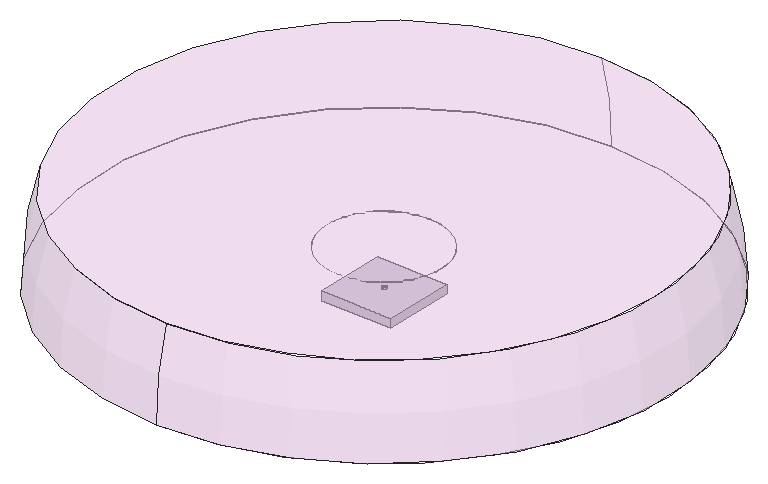
Revit family "Camera-Security-Panasonic-360-degree-Vandal_Resistant-Outdoor-Dome-Network-X4571LX", category Security Devices, host Face, Revit 2016
Family settings
  Host = Face
  Maintain Annotation Orientation = No
  Part Type = Normal
  Round Connector Dimension = Use Diameter
  OmniClass Number = 23.85.10.14.11
  OmniClass Title = Cameras
  Cut with Voids When Loaded = No
  Shared = No
  Room Calculation Point = No
Parameters (values of type "WV-X4571L")
  z Void Direction [instance] = if((if(On Wall, 1, 0) + if(On Ceiling, 1, 0)) = 1, if(On Ceiling, 0, 1), 0)  # 0
  z Vertical FOV = 183.00°  # constant formula
  z VV Origin Height Offset [instance] = Height  # 2.37402"
  z VV Origin Height [instance] = 0.000"
  z Lenz to PPM Target X [instance] = 0.07874" * Focal Length * 1000 / (PPM Actual * Scanning Area H / Horizontal Resolution) - z Lenz to PPM Target H  # 152.79425"
  z Lenz to PPM Target H [instance] = if(z Void Direction = 0, Distance to Floor - PPM Target Height - z VV Origin Height Offset, Distance to Floor - PPM Target Height)  # 45.65748"
  z Horizontal FOV = 183.00°  # constant formula
  z Camera Center Y Axis Offset [instance] = 0.000"
  z Camera Bottom Offset [instance] = 0.000"
  z Camera Angle [instance] = 0.00°
  z Camera Axis Const Length = 7.87402"
  z Base Radius [instance] = Base Diameter / 2  # 3.22835"
  Water and Dust Resistance = "IP66(IEC60529), Type 4X(UL50), NEMA 4X compliant"  # constant formula
  Shock Resistance = "50J (IEC 60068-2-75 compliant), IK10 (IEC 62262)"  # constant formula
  Resolution_9M [instance] = yes
  Resolution_4M [instance] = not(Resolution_9M)  # no
  Base Height Offset [instance] = if(Use Base Bracket, Base Height, 0.000")  # 0.000"
  Base Height = 1.41732"
  Wide Dynamic Range = yes
  Weight [instance] = if(Use Base Bracket, 2.87 lbf, 1.94 lbf)  # 1.94 lbf
  Voltage DC = 12 V
  Vandal Resistant = yes
  Use Base Bracket [instance] = no
  Use Attachment Plate [instance] = not(Use Base Bracket)  # yes
  URL = "http://security.panasonic.com/pss/security/"
  Storage Temperature = "-22 °F to 140 °F"  # constant formula
  Show View Volume [instance] = yes
  Scanning Area V = 0.21811"  # constant formula
  Scanning Area H = 0.21811"  # constant formula
  Regulatory Compliance = "UL (UL60950-1), c-UL (CSA C22.2 No.60950-1), CE, IEC60950-1, FCC (Part15 ClassA), ICES003 ClassA, EN55022 ClassB, EN55024"  # constant formula
  Radius_3 [instance] = 1.2126"
  Radius_2 [instance] = 1.35528"
  Radius_1 [instance] = Diameter / 2  # 3.0315"
  Provide Feedback = "https://www.surveymonkey.com/s/95FL6QY"
  Product Page URL = "https://security.panasonic.com/products/wv-x4571l/"
  Product Material = Paint - Panasonic - Sail White
  Product Documentation Link = "http://ssbu-t.psn-web.net/Products/IP_camera/WV-X4571L/Specsheet/WV-X4571L_A4.pdf"
  Power Active = 12.5 W
  Part Number = Model  # "WV-X4571L"
  Part Description = Description  # "Security Camera, H.264/H.265 360-degree, Vandal Resistant, Outdoor, Dome, 9 Megapixel, Network, X4571L"
  PPM Target Height [instance] = 70.07874"
  PPM Desired [instance] = 300
  PPM Actual [instance] = if(PPM Desired > 1, PPM Desired, 1)  # 300
  Original Creation Date = "2018/01/15"
  Operational Temperature [instance] = "-40 °F to 140 °F"  # constant formula
  Operational Humidity = "10% to 100 % (no condensation)"  # constant formula
  On Wall [instance] = no
  On Ceiling [instance] = yes
  Mounting Positions = "Mount Dependent or Surface Mount"
  Model Disclaimer = "Contact Panasonic for more information"  # constant formula
  Model = "WV-X4571L"
  Minimum Illumination = 0.3 lx
  Manufacturer = "Panasonic"  # constant formula
  Indoor Or Outdoor = "Outdoor"  # constant formula
  IP Or Analog = "IP"
  Horizontal Resolution [instance] = if(Resolution_9M, 2992, 2192)  # 2992
  Height_Offset5 = 1.44663"
  Height_Offset4 [instance] = 0.39438"
  Height_Offset3 [instance] = (Height - Height_Offset2) * 0.278  # 0.29989"
  Height_Offset2 [instance] = 1.29528"
  Height_Offset1 [instance] = 0.69685"
  Height [instance] = 2.37402"
  Has POE = yes
  Focal Length = 0.05512"
  Family Version = "1.0.0"  # constant formula
  Equipment Number [instance] = ""
  Equipment Abbreviation = "SC"
  Distance to Screen [instance] = 393.70079"
  Distance to PPM Target [instance] = if(z Lenz to PPM Target X < z Lenz to PPM Target H, 0.000", sqrt(z Lenz to PPM Target X ^ 2 - z Lenz to PPM Target H ^ 2))  # 145.81316"
  Distance to Floor [instance] = 118.11024"
  Distance to Ceiling [instance] = 0.000"
  Diameter [instance] = 6.06299"
  Description = "Security Camera, H.264/H.265 360-degree, Vandal Resistant, Outdoor, Dome, 9 Megapixel, Network, X4571L"
  Default Elevation = 0.000"
  Day Or Night = "N/A"  # constant formula
  Date Last Modified = "2018/01/15"
  Copyright = "Copyright © Panasonic"  # constant formula
  Communication Ports = "10Base-T / 100Base-TX, RJ-45"
  z Camera Center X Axis Offset [instance] = 0.000"
  Base Diameter [instance] = 6.45669"
  Audio Out = "3.5 mm stereo mini jack"  # constant formula
  Audio In = "3.5 mm stereo mini jack"  # constant formula
  Angle Of View = "183"  # constant formula
  Alarm Input Or Output Specification = "ALARM IN1 (Alarm input 1/ Auto time adjustment input) (x1), ALARM IN2 (Alarm input 2/ ALARM OUT) (x1), ALARM IN3 (Alarm input 3/ AUX OUT) (x1)"  # constant formula
  Accessory Part Number [instance] = if(Use Attachment Plate, "Attachment Plate", "Base Bracket")  # "Attachment Plate"
Types (2): name | Product Page URL | Product Documentation Link | Part Number | Part Description | Model | Description | Communication Ports
  WV-X4571L | "https://security.panasonic.com/products/wv-x4571l/" | "http://ssbu-t.psn-web.net/Products/IP_camera/WV-X4571L/Specsheet/WV-X4571L_A4.pdf" | "WV-X4571L" | "Security Camera, H.264/H.265 360-degree, Vandal Resistant, Outdoor, Dome, 9 Megapixel, Network, X4571L" | "WV-X4571L" | "Security Camera, H.264/H.265 360-degree, Vandal Resistant, Outdoor, Dome, 9 Megapixel, Network, X4571L" | "10Base-T / 100Base-TX, RJ-45"
  WV-X4571LM | "https://security.panasonic.com/products/wv-x4571lm/" | "http://ssbu-t.psn-web.net/Products/IP_camera/WV-X4571L/Specsheet/WV-X4571LM_A4.pdf" | "WV-X4571LM" | "Security Camera, H.264/H.265 360-degree, Vandal Resistant, Outdoor, Dome, 9 Megapixel, Network, X4571LM" | "WV-X4571LM" | "Security Camera, H.264/H.265 360-degree, Vandal Resistant, Outdoor, Dome, 9 Megapixel, Network, X4571LM" | "10Base-T / 100Base-TX, M12 connector"
Reference planes (in)
  plane 1 "Center (Front/Back)": y = 0
  plane 2: z = 0
  plane 3 "Center (Left/Right)": x = 0
  plane 4: y = 0
  plane 5: z = 0
  plane 6: x = 0
Forms (in)
  Extrusion 1, solid
    sketch origin (0, 0, 0) x (1, 0, 0) y (0, 1, 0)
      loop
        line (-48, 48) -> (-48, -48) -> (48, -48) -> (48, 48) -> (-48, 48)
    from 0 to -12
  Revolve 2, solid, material "Paint - Panasonic - Sail White" <- "Product Material"
    sketch origin (0, 0, 0) x (0, 0, 1) y (-1, 0, 0)
      loop
        line (1.67717, 0) -> (0, 0) -> (0, -3.0315) -> (1.07874, -3.0315) -> (1.67717, -1.35528) -> (1.67717, 0)
      axis (1.67717, 0) -> (0, 0)
    angle from 360 to 0
  Revolve 3, solid, material "Glass - Panasonic - Smoked"
    sketch origin (0, 0, 0) x (0, 0, 1) y (-1, 0, 0)
      loop
        line (2.37402, 0) -> (1.67717, 0) -> (1.67717, -1.2126)
        arc (1.67717, -1.2126) -> (2.19189, -0.70187) -> (2.37402, 0) r 1.37064
      axis (2.37402, 0) -> (1.67717, 0)
    angle from 360 to 0
  Revolve 4, solid, material "Paint - Panasonic - Sail White" <- "Product Material"
    sketch origin (0, 0, 0) x (0, 0, 1) y (-1, 0, 0)
      loop
        line (0.77885, -2.87402) -> (0, -2.87402) -> (0, -3.0315) -> (0.77885, -3.0315) -> (0.77885, -2.87402)
      axis (0.77885, 0) -> (0, 0)
    angle from 30 to -30
  Revolve 5, solid, material "Paint - Panasonic - Sail White" <- "Product Material"
    sketch origin (0, 0, 0) x (0, 0, 1) y (-1, 0, 0)
      loop
        line (0.77885, -2.87402) -> (0, -2.87402) -> (0, -3.0315) -> (0.77885, -3.0315) -> (0.77885, -2.87402)
      axis (0.77885, 0) -> (0, 0)
    angle from 150 to 90
  Revolve 6, solid, material "Paint - Panasonic - Sail White" <- "Product Material"
    sketch origin (0, 0, 0) x (0, 0, 1) y (-1, 0, 0)
      loop
        line (0.77885, -2.87402) -> (0, -2.87402) -> (0, -3.0315) -> (0.77885, -3.0315) -> (0.77885, -2.87402)
      axis (0.77885, 0) -> (0, 0)
    angle from 270 to 210
  Revolve 7, solid, material "Paint - Panasonic - Sail White" <- "Product Material", visible <- "Use Base Bracket"
    sketch origin (0, 0, 0) x (0, 0, 1) y (-1, 0, 0)
      loop
        line (1.41732, 0) -> (0, 0) -> (0, -3.22835) -> (1.41732, -3.22835) -> (1.41732, 0)
      axis (1.41732, 0) -> (0, 0)
    angle from 360 to 0
Lines and regions (in)
  symbolic lines, not visible
    curve 1: line (-1.15, -2.6875, 0) -> (1.15, -2.6875, 0)
  reference lines
    curve 2: line (0, 0, 0) -> (0, 0, 7.87402)
    curve 3: line (0, 0, 0) -> (5.70866, 0, 0)
    curve 4: line (0, 0, 0) -> (4.72441, 0, 0)
    curve 5: line (0, 0, 1.67717) -> (5, 0, 1.67717)
    curve 6: line (0, 0, 0.77885) -> (4.6063, 0, 0.77885)
    curve 7: line (0, 0, 1.07874) -> (3.8189, 0, 1.07874)
    curve 8: line (0, 0, 2.37402) -> (2.83465, 0, 2.37402)
    curve 9: line (1.2126, 0, 3.04376) -> (1.2126, 0, 0)
    curve 10: line (1.35528, 0, 3.04376) -> (1.35528, 0, 0)
    curve 11: line (2.87402, 0, 3.04376) -> (2.87402, 0, 0)
    curve 12: line (3.0315, 0, 3.04376) -> (3.0315, 0, 0)
    curve 13: line (3.22835, 0, 3.04376) -> (3.22835, 0, 0)
    curve 14: line (0, 0, 1.41732) -> (6.69291, 0, 1.41732)
Dimensions and locks (in)
  plane 1 "Center (Front/Back)" to plane 4 = 0.000"
  "z Camera Center Y Axis Offset": plane 4 to plane 1 "Center (Front/Back)"
  "z Camera Center Y Axis Offset": plane 5 to level
  "z Camera Center X Axis Offset": plane 3 "Center (Left/Right)" to plane 6
  "z Camera Axis Const Length": curve 2 to curve 2
  "Base Height Offset": curve 4 to curve 3
  "Height": curve 8 to curve 4
  "z Base Radius": curve 13 to curve 2
  "Radius_1": curve 12 to curve 2
  "Radius_2": curve 10 to curve 2
  "Radius_3": curve 9 to curve 2
  curve 11 to curve 12 = 0.15748"
  "Height_Offset3": curve 7 to curve 6
  "Height_Offset1": curve 8 to curve 5
  "Height_Offset2": curve 8 to curve 7
  "Base Height": curve 14 to curve 3
  "z Camera Angle": angle plane 6 to curve 2
  aligned and locked: plane 2 to Extrusion 1
  aligned and locked: level to Extrusion 1
  aligned and locked: plane 5 to curve 2
  aligned and locked: plane 6 to curve 2
  aligned and locked: curve 2 to curve 4
  aligned and locked: curve 2 to curve 5
  aligned and locked: curve 2 to curve 6
  aligned and locked: curve 2 to curve 7
  aligned and locked: curve 2 to curve 8
  aligned and locked: curve 3 to curve 13
  aligned and locked: Revolve 2 sketch curve to curve 2
  aligned and locked: Revolve 3 sketch curve to curve 2
  aligned and locked: Revolve 3 sketch curve to curve 8
  aligned and locked: Revolve 2 to Revolve 3 sketch curve
  aligned and locked: curve 9 to Revolve 3 sketch curve
  aligned and locked: Revolve 2 sketch curve to curve 4
  aligned and locked: curve 10 to Revolve 2 sketch curve
  aligned and locked: curve 7 to Revolve 2 sketch curve
  aligned and locked: curve 12 to Revolve 2 sketch curve
  aligned and locked: curve 2 to curve 14
  aligned and locked: curve 4 to Revolve 4 sketch curve
  aligned and locked: curve 11 to Revolve 4 sketch curve
  aligned and locked: Revolve 4 sketch curve to curve 12
  aligned and locked: Revolve 4 sketch curve to curve 2
  aligned and locked: Revolve 5 sketch curve to curve 6
  aligned and locked: curve 4 to Revolve 5 sketch curve
  aligned and locked: curve 11 to Revolve 5 sketch curve
  aligned and locked: Revolve 5 sketch curve to curve 12
  aligned and locked: Revolve 5 sketch curve to curve 2
  aligned and locked: Revolve 6 sketch curve to curve 6
  aligned and locked: curve 4 to Revolve 6 sketch curve
  aligned and locked: curve 11 to Revolve 6 sketch curve
  aligned and locked: Revolve 6 sketch curve to curve 12
  aligned and locked: Revolve 6 sketch curve to curve 2
  aligned and locked: Revolve 7 sketch curve to curve 2  (x2)
  aligned and locked: Revolve 7 sketch curve to curve 14
  aligned and locked: Revolve 7 sketch curve to curve 3
  aligned and locked: Revolve 7 sketch curve to curve 13
  aligned and locked: nested 1 to curve 2  (x2)
Automatic sketch dimensions
  Extrusion 1 sketch curve to Extrusion 1 sketch curve = 96.000"  (x2)
  curve 1 to plane 3 "Center (Left/Right)" = 1.150"
  plane 3 "Center (Left/Right)" to curve 1 = 1.150"
  plane 1 "Center (Front/Back)" to curve 1 = 2.6875"
  Revolve 3 sketch curve to curve 2 = 0.000"
  curve 2 to Revolve 3 sketch curve = 0.01893"
  Revolve 3 sketch curve to Revolve 3 sketch curve = 0.15557"
  Revolve 3 sketch curve to Revolve 3 sketch curve = 0.08072"
  Revolve 2 sketch curve to curve 2 = 0.000"
  Revolve 2 sketch curve to Revolve 2 sketch curve = 0.59843"
  Revolve 2 sketch curve to Revolve 2 sketch curve = 0.57874"
  Revolve 2 sketch curve to Revolve 2 sketch curve = 0.79066"
  Revolve 4 sketch curve to Revolve 4 sketch curve = 0.77885"
  curve 2 to Revolve 4 sketch curve = 1.11811"
  Revolve 4 sketch curve to Revolve 4 sketch curve = 1.5748"
  curve 2 to Revolve 5 sketch curve = 1.19983"
  Revolve 5 sketch curve to Revolve 5 sketch curve = 1.49308"
  curve 2 to Revolve 6 sketch curve = 1.14678"
  Revolve 6 sketch curve to Revolve 6 sketch curve = 1.23803"
  Revolve 7 sketch curve to curve 2 = 0.75231"
  Revolve 7 sketch curve to Revolve 7 sketch curve = 0.38943"
  curve 3 to curve 2 = 0.000"  (x2)
  curve 3 to curve 2 = 5.70866"
  curve 4 to curve 2 = 4.72441"
  curve 8 to curve 13 = 0.66975"
  curve 8 to curve 10 = 0.66975"
  curve 12 to curve 13 = 0.000"
  curve 11 to curve 12 = 0.000"
  curve 9 to curve 10 = 0.000"
  curve 14 to curve 2 = 6.69291"
  curve 5 to curve 2 = 5.000"
  curve 6 to curve 2 = 4.6063"
  curve 6 to curve 7 = 0.7874"
  curve 11 to curve 8 = 0.03937"
Nested families (in)
  nested 1: "Camera-Security-Panasonic-ViewVolume360" at (0, 0, 2.37402), On Wall <- "On Wall", On Ceiling <- "On Ceiling", HFOV <- "z Horizontal FOV", Floor Distance <- "Distance to Floor", Ceiling Distance <- "Distance to Ceiling", VFOV <- "z Vertical FOV", Screen Depth <- "Distance to Screen", Base Angle Offset <- "z Camera Angle", Base Height Offset <- "z VV Origin Height", visible <- "Show View Volume", type "Camera-Security-Panasonic-ViewVolume360"
    with z Yaw Actual 0.00°, z Void Width 826.77165", z Void Thickness 393.70079", z Void Height Start -413.38583", z Void Height End 413.38583", z Void Direction 0, z Void Angle 0.00°, z Viewpoint Origin Horizontal Offset 0.000", z Tilt Actual 0.00°, z Target Visible yes, z Target Horizontal Distance 78.74016", z Target Depth 48.0315", z Screen Depth 393.70079", z Pan Actual 0.00°, z Floor Distance 118.11024", z FOV Half 91.50°, z Ceiling Distance 0.000", z Camera Back Void Depth 397.6378", VFOV 183.00°, Target Horizontal Distance 78.74016", Screen Depth 393.70079", On Wall no, On Default Mount Type 0, On Ceiling yes, Object Height 70.07874", HFOV 183.00°, Floor Distance 118.11024", Ceiling Distance 0.000", Base Height Offset 0.000", Base Angle Offset 0.00°
Connectors (in)
  electrical at (0, 0, 0), driven by "Voltage DC", driven by "Power Active"
    settings: on Revolve 2, index 1, voltage 12 V, apparent load 12.5 W, apparent load phase1 0.0 W, apparent load phase2 0.0 W, apparent load phase3 0.0 W, power factor 1, load classification "Other", number of poles 1, system type 30, power factor state 1, is connector primary yes, connector utility no, sub classification motor no, connector description "Electrical Connection"
  electrical at (0, 0, 0)
    settings: on Revolve 2, index 2, voltage 0 V, apparent load 0.0 W, apparent load phase1 0.0 W, apparent load phase2 0.0 W, apparent load phase3 0.0 W, power factor 1, load classification "Other", number of poles 1, system type 5, power factor state 1, is connector primary no, connector utility no, sub classification motor no, connector description "Data Connection"
Definition of nested family "Camera-Security-Panasonic-ViewVolume360"
  Parameters (values of type "Camera-Security-Panasonic-ViewVolume360")
    z Yaw Actual [instance] = 0.00°  # constant formula
    z Void Width [instance] = z Screen Depth * 2 + 39.37008"  # 826.77165"
    z Void Thickness [instance] = z Screen Depth + abs(Base Height Offset)  # 399.6063"
    z Void Height Start [instance] = -z Void Width / 2  # -413.38583"
    z Void Height End [instance] = z Void Width / 2  # 413.38583"
    z Void Direction [instance] = if((if(On Wall, 1, 0) + if(On Ceiling, 1, 0)) = 1, if(On Ceiling, 0, 1), On Default Mount Type)  # 0
    z Tilt Actual [instance] = if(z Void Direction = 0, 0.00°, if(z Void Direction = 1, 90.00°, 0.00°))  # 0.00°
    z Target Visible [instance] = and(Target Horizontal Distance > 0.03937", z Target Depth < z Screen Depth, z Target Depth > 3.93701")  # yes
    z Target Horizontal Distance [instance] = if(Target Horizontal Distance < 3.93701", 3.93701", Target Horizontal Distance)  # 78.74016"
    z Target Depth [instance] = if(if(z Void Direction = 0, z Floor Distance - Object Height - Base Height Offset, z Floor Distance - Object Height) < 3.93701", 3.93701", if(z Void Direction = 0, z Floor Distance - Object Height - Base Height Offset, z Floor Distance - Object Height))  # 42.12598"
    z Pan Actual [instance] = 0.00°  # constant formula
    z Floor Distance [instance] = if(Floor Distance < 3.93701", 3.93701", Floor Distance)  # 118.11024"
    z FOV Half [instance] = HFOV / 2  # 80.00°
    z Const Yaw Base2 Length = 17.32283"  # constant formula
    z Const Tilt Base2 Length = 19.68504"  # constant formula
    z Ceiling Distance [instance] = if(Ceiling Distance < 0.000", 0.000", Ceiling Distance)  # 0.000"
    z Const Void Handle Length = 23.62205"  # constant formula
    z Void Angle [instance] = if(z Void Direction = 0, 0.00° + Base Angle Offset, if(z Void Direction = 1, 90.00° + Base Angle Offset, 180.00° + Base Angle Offset))  # 0.00°
    z Screen Depth [instance] = if(Screen Depth < 7.87402", 7.87402", Screen Depth)  # 393.70079"
    z Camera Back Void Depth [instance] = z Screen Depth + z Screen Depth * 0.01  # 397.6378"
    Target Horizontal Distance [instance] = 78.74016"
    Original Creation Date = "September, 15, 2016"  # constant formula
    On Default Mount Type [instance] = 0
    Object Height [instance] = 70.07874"
    Manufacturer = "Panasonic"  # constant formula
    Family Version = "1.0.0"  # constant formula
    Default Elevation = 48.000"
    Date Last Modified = "September, 15, 2016"  # constant formula
    Copyright = "Copyright © Panasonic"  # constant formula
    Base Height Offset [instance] = 5.90551"
    Base Angle Offset [instance] = 0.00°
    VFOV [instance] = 33.75°
    z Target Thickness = 0.19685"  # constant formula
    Screen Depth [instance] = 393.70079"
    z Const Yaw Handle Length = 9.25197"  # constant formula
    z Const Yaw Base Length = 10.23622"  # constant formula
    z Viewpoint Origin Horizontal Offset [instance] = 0.000"  # constant formula
    z Const Tilt Handle Length = 14.17323"  # constant formula
    z Const Tilt Base Length = 9.84252"  # constant formula
    z Const Pan Handle Length = 19.68504"  # constant formula
    z Const Pan Axis Length = 15.74803"  # constant formula
    On Wall [instance] = no
    On Ceiling [instance] = yes
    HFOV [instance] = 160.00°
    Floor Distance [instance] = 118.11024"
    Ceiling Distance [instance] = 0.000"
  Reference planes (in)
    plane 1 "Center (Front/Back)": y = 0
    plane 2: z = 0
    plane 3 "Center (Left/Right)": x = 0
    plane 4 "VoidOffsetBase": z = -5.90551
  Forms (in)
    Extrusion 1, void
      sketch origin (0, 0, -5.90551) x (0, 0, 1) y (0, -1, 0)
        loop
          line (517.71654, 413.38583) -> (118.11024, 413.38583) -> (118.11024, -413.38583) -> (517.71654, -413.38583) -> (517.71654, 413.38583)
        loop
          line (0, 413.38583) -> (-399.6063, 413.38583) -> (-399.6063, -413.38583) -> (0, -413.38583) -> (0, 413.38583)
      from -413.38583 <- "z Void Height Start" to 413.38583 <- "z Void Height End"
    Revolve 2, solid, visible <- "z Target Visible"
      sketch origin (0, 0, 42.12598) x (0, 0, -1) y (0, 1, 0)
        loop
          circle (0, 78.74016) r 0.19685
        axis (0.19685, 0) -> (-0.19685, 0)
      angle from 0 to 360
    Revolve 3, solid
      sketch origin (0, 0, 0) x (0, 1, 0) y (0, 0, 1)
        loop
          line (0, 0) -> (387.71959, 68.36542)
          arc (387.71959, 68.36542) -> (253.06599, 301.5923) -> (0, 393.70079) r 393.70079
          line (0, 393.70079) -> (0, 0)
        axis (0, 0) -> (0, 393.70079)
      angle from 0 to 360
    Revolve 4, void
      sketch origin (0, 0, 0) x (0, 1, 0) y (0, 0, 1)
        loop
          line (0, 0) -> (0, -397.6378)
          arc (0, -397.6378) -> (304.60822, -255.59665) -> (391.59678, 69.04908) r 397.6378
          line (391.59678, 69.04908) -> (0, 0)
        axis (0, -397.6378) -> (0, 69.04908)
      angle from 0 to 360
  Cuts and joins
    Revolve 4 cuts Revolve 2
    Extrusion 1 cuts Revolve 3
  Lines and regions (in)
    reference lines
      curve 1: line (0, 0, 0) -> (19.68504, 0, 0)
      curve 2: line (0, 0, -15.74803) -> (0, 0, 0)
      curve 3: line (0, 0, 0) -> (0, -9.84252, 0)
      curve 4: line (0, 0, 0) -> (0, 0, 19.68504)
      curve 5: line (0, 0, 14.17323) -> (0, 0, 0)
      curve 6: line (0, 0, 0) -> (0, 10.23622, 0)
      curve 7: line (0, 0, 0) -> (-17.32283, 0, 0)
      curve 8: line (0, 0, 0) -> (-9.25197, 0, 0)
      curve 9: line (0, 0, 42.12598) -> (0, 0, 0)
      curve 10: line (0, 0, -5.90551) -> (0, 0, 17.71654)
      curve 11: line (0, -413.38583, 511.81102) -> (0, 413.38583, 511.81102)
      curve 12: line (0, -413.38583, 112.20472) -> (0, -413.38583, 511.81102)
      curve 13: line (0, 413.38583, 112.20472) -> (0, -413.38583, 112.20472)
      curve 14: line (0, 413.38583, 511.81102) -> (0, 413.38583, 112.20472)
      curve 15: line (0, -413.38583, -5.90551) -> (0, 413.38583, -5.90551)
      curve 16: line (0, -413.38583, -405.51181) -> (0, -413.38583, -5.90551)
      curve 17: line (0, 413.38583, -405.51181) -> (0, -413.38583, -405.51181)
      curve 18: line (0, 413.38583, -5.90551) -> (0, 413.38583, -405.51181)
  Dimensions and locks (in)
    "z Const Pan Handle Length": curve 1 to curve 1
    "z Const Pan Axis Length": curve 2 to curve 2
    "z Const Tilt Base Length": curve 3 to curve 3
    "z Const Pan Axis Length": curve 1 to curve 2
    "z Viewpoint Origin Horizontal Offset": curve 4 to curve 2
    "z Const Tilt Base2 Length": curve 4 to curve 4
    "z Const Tilt Handle Length": curve 5 to curve 5
    "z Const Yaw Base Length": curve 6 to curve 6
    "z Const Yaw Base2 Length": curve 7 to curve 7
    "z Const Yaw Handle Length": curve 8 to curve 8
    "z Target Depth": curve 9 to curve 9
    "z Const Void Handle Length": curve 10 to curve 10
    equal spacing: curve 12, curve 10, curve 14
    "z Void Width": curve 12 to curve 14
    "z Floor Distance": curve 13 to curve 10
    "z Ceiling Distance": curve 15 to curve 10
    "z Void Thickness": curve 17 to curve 15
    "z Void Thickness": curve 11 to curve 13
    "Base Height Offset": level to plane 4 "VoidOffsetBase"
    "z Target Horizontal Distance": curve 10 to Revolve 2 sketch curve
    "z Camera Back Void Depth": Revolve 4 sketch curve to Revolve 4 sketch curve  (x2)
    "z Screen Depth": Revolve 3 sketch curve to Revolve 3 sketch curve  (x2)
    "z Target Thickness": radius of Revolve 2 sketch curve
    "z Screen Depth": radius of Revolve 3 sketch curve
    "z Camera Back Void Depth": radius of Revolve 4 sketch curve
    locked: curve 3 to curve 2 (angle 90.00°)
    locked: curve 3 to curve 4 (angle 90.00°)
    "z Tilt Actual": angle curve 4 to curve 5
    locked: curve 6 to curve 7 (angle 90.00°)
    locked: curve 6 to curve 5 (angle 90.00°)
    locked: curve 9 to curve 5 (angle 0.00°)
    "z Void Angle": angle plane 1 "Center (Front/Back)" to curve 10
    "z Yaw Actual": angle curve 7 to curve 8
    "z Pan Actual": angle plane 1 "Center (Front/Back)" to curve 1
    "z FOV Half": angle Revolve 4 sketch curve to plane 1 "Center (Front/Back)"
    "z FOV Half": angle Revolve 3 sketch curve to plane 1 "Center (Front/Back)"
    aligned and locked: level to plane 2
    aligned and locked: curve 2 to curve 1
    aligned and locked: curve 2 to curve 3
    aligned and locked: curve 3 to curve 2
    aligned and locked: curve 3 to curve 5
    aligned and locked: curve 6 to curve 7
    aligned and locked: curve 6 to curve 8
    aligned and locked: curve 8 to curve 7
    aligned and locked: curve 7 to curve 6
    aligned and locked: plane 1 "Center (Front/Back)" to curve 10
    aligned and locked: curve 16 to curve 12
    aligned and locked: curve 14 to curve 18
    aligned and locked: Extrusion 1 sketch curve to curve 11
    aligned and locked: Extrusion 1 sketch curve to curve 12
    aligned and locked: Extrusion 1 sketch curve to curve 13
    aligned and locked: Extrusion 1 sketch curve to curve 14
    aligned and locked: Extrusion 1 sketch curve to curve 15
    aligned and locked: Extrusion 1 sketch curve to curve 16
    aligned and locked: Extrusion 1 sketch curve to curve 17
    aligned and locked: Extrusion 1 sketch curve to curve 18
    aligned and locked: Extrusion 1 sketch curve to Extrusion 1 sketch curve  (x8)
    aligned and locked: plane 3 "Center (Left/Right)" to curve 1
    aligned and locked: plane 1 "Center (Front/Back)" to curve 1
    aligned and locked: level to curve 2
    aligned and locked: plane 4 "VoidOffsetBase" to curve 10
    aligned and locked: plane 1 "Center (Front/Back)" to Revolve 4 sketch curve
    aligned and locked: level to Revolve 4 sketch curve
    aligned and locked: level to Revolve 3 sketch curve
    aligned and locked: plane 1 "Center (Front/Back)" to Revolve 3 sketch curve
  Automatic sketch dimensions
    curve 9 to curve 8 = 0.000"  (x2)
    curve 6 to curve 5 = 0.000"
    curve 6 to curve 5 = 10.23622"
    Revolve 2 sketch curve to curve 9 = 0.000"  (x3)
    curve 9 to Revolve 2 sketch curve = 0.000"
    Revolve 3 sketch curve to level = 0.000"
    Revolve 3 sketch curve to plane 1 "Center (Front/Back)" = 0.000"
    Revolve 3 sketch curve to Revolve 3 sketch curve = 0.000"
    Revolve 4 sketch curve to level = 0.000"
    Revolve 4 sketch curve to plane 1 "Center (Front/Back)" = 0.000"
    Revolve 4 sketch curve to Revolve 4 sketch curve = 107.05185"
